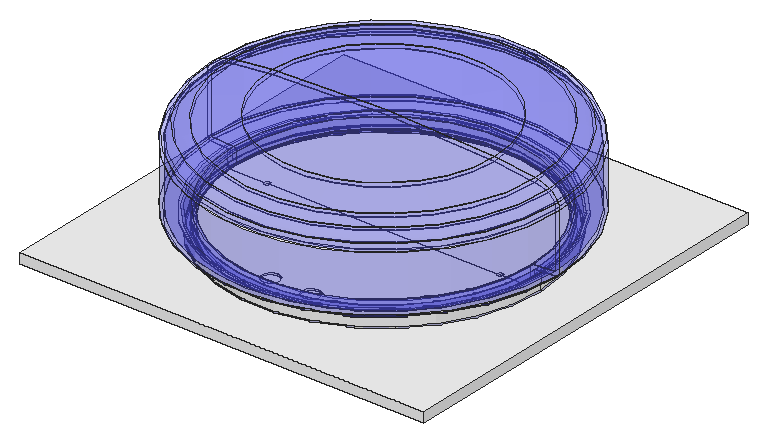
Revit family "BE_50032P_de_DE", category Leuchten, Revit 2020
Family settings
  Basisbauteil = Fläche
  Bemaßung runder Anschluss = Durchmesser verwenden
  Teiletyp = Normal
  Beim Laden mit Abzugskörper schneiden = Ja
  Lichtquelle = Ja
  Gemeinsam genutzt = Nein
  Raumberechnungspunkt = Ja
Parameters (values of type "BEGA_50032P_K3")
  built-in parameter 1150104 = 11.604 (stored number, unit not read)
  Wattage = 26.9 W
  Default Elevation = 0 mm
  built-in parameter 1150113 = 1 (stored number, unit not read)
  built-in parameter 1114218 = 1 (stored number, unit not read)
  Umgebungstemperatur = "25 °C"
  URL = "https://www.bega.com/de/produkt/50032P"
  Typenkommentare = "© 2022 BEGA. Wir behalten uns das Recht vor, technische Änderungen ohne vorherige Ankündigung vorzunehmen."  # constant formula
  built-in parameter 1150134 = (empty or 0)
  built-in parameter 1150109 = 1 (stored number, unit not read)
  Strom = ""
  built-in parameter 1150110 = 1 (stored number, unit not read)
  Spannung = 239.996 V
  Sonderanfertigung = no
  Seriennummer [instance] = "Hier können Sie die eindeutige Seriennummer für das Facility Management eintragen."
  Schutzklasse = "I"
  Schutzart = "IP 20"
  Scheinlast = 0 VA
  Produktdatenblatt = "http://www.bega.de/download/Xrfa/db/50032P.db.de.pdf"
  Oberflächentemperatur = ""
  Neigungswinkel = 0.00°
  Model = "50032PK2"
  Material_17 = BEGA_Reflektor
  Material_15 = BEGA_Leuchtmedium_matt
  Material_14 = BEGA_Kunststoff_opal
  Material_11 = BEGA_Glas_opal
  Material_09 = BEGA_Glas_klar
  Material_06 = BEGA_Oberfläche_Edelstahl_gebürstet
  Material_03 = BEGA_Oberfläche_Weiss_matt
  Material_02 = BEGA_Oberfläche_Silber_matt
  Material_01 [instance] = BEGA_Oberfläche_Grafit_matt
  M_W = no
  M_G = no
  M_A = no
  Logo = 0
  built-in parameter 1114217 = 1 (stored number, unit not read)
  built-in parameter 1150139 = (empty or 0)
  built-in parameter 1150105 = 839.66 (stored number, unit not read)
  built-in parameter 1150114 = 1 (stored number, unit not read)
  Lumens = 3359.81 lm
  built-in parameter 1150115 = 1 (stored number, unit not read)
  Leuchtenlichtstrom = "2863 lm"
  Leuchtenanzahl = ""
  Lebensdauerkriterien = "L70B50 @ 25 °C = 121000 h"
  Lastklassifizierung = Beleuchtung
  built-in parameter 1150112 = 1 (stored number, unit not read)
  Lampenlichtstrom = "3360 lm"
  Lamp = "LED 26.9 W"
  LED_Modulbezeichnung = "LED-0510/927"
  Hersteller = "BEGA"  # constant formula
  Halbstreuwinkel = ""
  Gewicht = "2.1 kg"
  Gebrauchslageneinschränkung [instance] = ""
  Frequenz = "0/50-60 Hz"
  Farbwiedergabeindex = "CRI > 90"
  Farbtemperaturverschiebung bei Dämpfen der Lampe = <Keine Auswahl>
  Farbtemperatur = "2700 K"
  Color Filter = 16777215
  built-in parameter 1150133 = 10 (stored number, unit not read)
  Energieeffizienzklasse = "LED A++ - A"
  built-in parameter 1150137 = (empty or 0)
  built-in parameter 1150132 = (empty or 0)
  ENEC = "ja"
  Dimmbar [instance] = ""
  Photometric Web File = "BE_50032PK2.IES"
  CE_Konformität = "ja"
  Bestellnummer = "50032PK2"
  Beschreibung_Sonderanfertigung = "Hier können Sie Informationen zur Sonderanfertigung eintragen."
  Beschreibung = "Decken- und Wandleuchte"
  built-in parameter 1150106 = 8.3966 (stored number, unit not read)
  Befestigungsbohrung = "Ø 5,5 mm"
  Befestigungsabstand = "230 mm"
  Ballwurfsicher = ""
  BEGA_Intern_aus = yes
  BEGA_Intern_an = yes
  BEGA_Intern_Konstruktion = yes
  BEGA_Intern = yes
  BEGA_IES = yes
  BEGA_Dummy = no
  Anschlussleitung = ""
  Anschlussleistung [instance] = "31.6 W"
  Anschlusskasten = ""
  built-in parameter 1150107 = 2700 (stored number, unit not read)
  built-in parameter 1150102 = (empty or 0)
  built-in parameter 1150138 = (empty or 0)
  Aktualisierung = "2020-05-11T04:00:10"
  Abstand_zur_angestrahlten_Fläche [instance] = ""
  AC/DC = "AC/DC"
Types (3, lengths in mm): name | built-in parameter 1150104 | built-in parameter 1150134 | Model | built-in parameter 1150105 | Lumens | Leuchtenlichtstrom | Lampenlichtstrom | LED_Modulbezeichnung | Farbtemperatur | Photometric Web File | Bestellnummer | built-in parameter 1150106 | built-in parameter 1150107
  BEGA_50032P_K3 | 11.687 (stored number, unit not read) | (empty or 0) | "50032PK3" | 845.71 (stored number, unit not read) | 3384.02 lm | "3384 lm" | "3970 lm" | "LED-0510/930" | "3000 K" | "BE_50032PK3.IES" | "50032PK3" | 8.4571 (stored number, unit not read) | 3000 (stored number, unit not read)
  BEGA_50032P_K4 | 12.124 (stored number, unit not read) | 12 | "50032PK4" | 279.35 (stored number, unit not read) | 3510.45 lm | "3522 lm" | "4135 lm" | "LED-0510/940" | "4000 K" | "BE_50032PK4.IES" | "50032PK4" | 2.7935 (stored number, unit not read) | 4000 (stored number, unit not read)
  BEGA_50032P_K27 | 12.124 (stored number, unit not read) | 12 | "50032PK27" | 279.35 (stored number, unit not read) | 3510.45 lm | "3276 lm" | "3845 lm" | "LED-0510/927" | "2700 K" | "BE_50032PK27.IES" | "50032PK27" | 2.7935 (stored number, unit not read) | 4000 (stored number, unit not read)
Reference planes
  plane 1 "Mitte (Vorne/Hinten)": y = 0
  plane 2: z = 0
  plane 3 "Mitte (Links/Rechts)": x = 0
  plane 4 "Links": x = -174
  plane 5 "Rechts": x = 174
  plane 6 "Unten": y = -174
  plane 7 "Oben": y = 174
  plane 8 "Vorne": z = 109.9
  plane 9 "Hinten": z = 0
Forms (mm)
  Extrusion 1, solid, material "BEGA_Platte_Weiss"
    sketch origin (0, -1119.2, 0) x (1, 0, 0) y (0, 1, 0)
      loop
        line (-200, 1319.2) -> (-200, 919.2) -> (200, 919.2) -> (200, 1319.2) -> (-200, 1319.2)
    from 0 to -10
  Extrusion 2, solid, material "BEGA_Dummy_matt", visible <- "BEGA_Dummy"
    sketch origin (77.149, -76.023, 0) x (1, 0, 0) y (0, 1, 0)
      loop
        circle (-77.149, 76.023) r 174.003
    from 0 to 109.9
Dimensions and locks
  plane 1 "Mitte (Vorne/Hinten)" to Extrusion 1 = 200 mm
  aligned and locked: plane 2 to Extrusion 1
  aligned and locked: level to Extrusion 1
Nested families
  nested 1: "BE_50032P" at (0, 0, 0) x (0, -1, 0) z (0, 0, 1), type "BE_50032P"
Connectors
  electrical at (0, 0, 0), driven by "Lastklassifizierung", driven by "Spannung", driven by "Scheinlast"
    settings: index 1, voltage 239.996 V, apparent load 0 VA, apparent load phase1 0 VA, apparent load phase2 0 VA, apparent load phase3 0 VA, power factor 1, load classification "Beleuchtung", number of poles 1, system type 31, power factor state 1, is connector primary yes, connector utility no, sub classification motor no, connector description ""
Definition of nested family "BE_50032P"
  Parameters (values of type "BE_50032P")
    Default Elevation = 1 mm
    URL = "http://www.bega.de/de/produkt"
    Type Comments = "© 2015 BEGA. Wir behalten uns das Recht vor, technische Änderungen ohne vorherige Ankündigung vorzunehmen. "  # constant formula
    Type Image = (empty or 0)
    Neigungswinkel_um_Z2 = 0.00°
    Neigungswinkel_um_Z1 = 0.00°
    Neigungswinkel_um_Y2 = 0.00°
    Neigungswinkel_um_Y1 = 0.00°
    Neigungswinkel_um_X2 = 0.00°
    Neigungswinkel_um_X1 = 0.00°
    Material_17 = none
    Material_15 = none
    Material_14 = none
    Material_11 = none
    Material_09 = none
    Material_06 = none
    Material_05 = none
    Material_03 = none
    Material_02 = none
    Material_01 = none
    M_W = yes
    M_G = yes
    M_A = yes
    Länge_Platte = 400 mm  # constant formula
    Höhe_Platte = -10 mm  # constant formula
    Manufacturer = "BEGA"  # constant formula
    Drehwinkel_um_Z2 = 0.00°
    Drehwinkel_um_Z1 = 0.00°
    Breite_Platte = 400 mm  # constant formula
  Reference planes
    plane 1 "Mitte (Oben/Unten)": y = 0
    plane 2: z = 0
    plane 3 "Mitte (Links/Rechts)": x = 0
    plane 4: y = 174
    plane 5: z = 109.9
    plane 6: y = -174
    plane 7: x = -174
    plane 8: x = 174
  Forms (mm)
    Extrusion 1, solid, detail levels medium
      sketch origin (0, 0, 0) x (1, 0, 0) y (0, 1, 0)
        loop
          line (-200, 200) -> (-200, -200) -> (200, -200) -> (200, 200) -> (-200, 200)
      from 0 to -10 <- "Höhe_Platte"
    Revolve 2, solid, material <- "Material_03", detail levels medium+fine
      sketch origin (0, 0, 0) x (0, 1, 0) y (0, 0, 1)
        loop
          line (159, 19.8) -> (159, 20.8) -> (156.831, 20.8)
          arc (156.831, 20.8) -> (155.563, 20.284) -> (155.024, 19.025) r 1.8
          line (155.024, 19.025) -> (154.767, 4.283)
          arc (154.767, 4.283) -> (154.468, 3.587) -> (153.767, 3.3) r 1
          line (153.767, 3.3) -> (0, 3.3) -> (0, 2.3) -> (153.767, 2.3)
          arc (153.767, 2.3) -> (155.169, 2.873) -> (155.767, 4.265) r 2
          line (155.767, 4.265) -> (156.024, 19.01)
          arc (156.024, 19.01) -> (156.264, 19.571) -> (156.829, 19.8) r 0.8
          line (156.829, 19.8) -> (159, 19.8)
        axis (0, 2.3) -> (0, 20.8)
      angle from 0 to 360
    Revolve 3, solid, material <- "Material_03", detail levels medium+fine
      sketch origin (0, 0, 0) x (0, 1, 0) y (0, 0, 1)
        loop
          arc (124.13, 1.943) -> (124.474, 2.206) -> (124.896, 2.3) r 1
          line (124.896, 2.3) -> (125.896, 3.3) -> (117.75, 3.3) -> (117.75, 0) -> (121.108, 0)
          arc (121.108, 0) -> (122.369, 0.281) -> (123.395, 1.067) r 3
          line (123.395, 1.067) -> (124.13, 1.943)
        axis (115, 3.3) -> (115, 0)
      angle from 0 to 360
    Extrusion 4, void
      sketch origin (0, 0, 0) x (1, 0, 0) y (0, 1, 0)
        loop
          circle (115, 20) r 8.5
        loop
          circle (0, 115) r 2.75
        loop
          circle (0, -115) r 2.75
        loop
          circle (115, -20) r 8.5
      from 0 to 7.205
    Revolve 5, solid, material <- "Material_14", detail levels medium+fine
      sketch origin (0, 0, 0) x (0, 1, 0) y (0, 0, 1)
        loop
          arc (150.036, 101.343) -> (130.076, 104.141) -> (110.006, 106.001) r 430
          arc (110.006, 106.001) -> (55.038, 108.925) -> (0, 109.9) r 1553.99
          line (0, 109.9) -> (0, 105.9)
          arc (0, 105.9) -> (54.9, 104.927) -> (109.731, 102.01) r 1549.989
          arc (109.731, 102.01) -> (129.596, 100.17) -> (149.352, 97.401) r 426
          arc (149.352, 97.401) -> (156.196, 95.732) -> (162.704, 93.037) r 46
          arc (162.704, 93.037) -> (166.507, 90.109) -> (168.988, 86) r 13
          arc (168.988, 86) -> (169.743, 83.257) -> (170, 80.424) r 16
          line (170, 80.424) -> (170, 25.506) -> (148.791, 24.394)
          arc (148.791, 24.394) -> (146.425, 23.461) -> (145.1, 21.289) r 4
          line (145.1, 21.289) -> (145.1, 11.074)
          arc (145.1, 11.074) -> (145.5, 9.577) -> (146.592, 8.479) r 3.001
          line (146.592, 8.479) -> (148.263, 7.514)
          arc (148.263, 7.514) -> (149.358, 6.407) -> (149.75, 4.9) r 3.002
          line (149.75, 4.9) -> (153.75, 4.9) -> (153.75, 8.384)
          arc (153.75, 8.384) -> (153.617, 8.887) -> (153.25, 9.256) r 1
          line (153.25, 9.256) -> (149.499, 11.421)
          arc (149.499, 11.421) -> (149.133, 11.787) -> (148.999, 12.287) r 1
          line (148.999, 12.287) -> (149, 19.451)
          arc (149, 19.451) -> (149.272, 20.136) -> (149.94, 20.449) r 1
          line (149.94, 20.449) -> (171.157, 21.561)
          arc (171.157, 21.561) -> (173.176, 22.492) -> (174, 24.557) r 3
          line (174, 24.557) -> (174, 80.418)
          arc (174, 80.418) -> (173.68, 83.965) -> (172.735, 87.4) r 20
          arc (172.735, 87.4) -> (169.48, 92.785) -> (164.489, 96.617) r 17
          arc (164.489, 96.617) -> (157.443, 99.532) -> (150.036, 101.343) r 50
        axis (0, 109.9) -> (0, 4.9)
      angle from 0 to 360
    Revolve 6, solid, material <- "Material_03", detail levels medium+fine
      sketch origin (0, 0, 0) x (0, -1, 0) y (0, 0, 1)
        loop
          arc (124.13, 1.943) -> (124.474, 2.206) -> (124.896, 2.3) r 1
          line (124.896, 2.3) -> (125.896, 3.3) -> (117.75, 3.3) -> (117.75, 0) -> (121.108, 0)
          arc (121.108, 0) -> (122.369, 0.281) -> (123.395, 1.067) r 3
          line (123.395, 1.067) -> (124.13, 1.943)
        axis (115, 3.3) -> (115, 0)
      angle from 0 to 360
  Cuts and joins
    Extrusion 4 cuts Revolve 2
    Extrusion 4 cuts Revolve 3
    joined: Revolve 2, Revolve 3, Revolve 6
  Dimensions and locks
    equal spacing: Extrusion 1 sketch curve, plane 3 "Mitte (Links/Rechts)", Extrusion 1 sketch curve
    equal spacing: Extrusion 1 sketch curve, plane 1 "Mitte (Oben/Unten)", Extrusion 1 sketch curve
    "Länge_Platte": Extrusion 1 sketch curve to Extrusion 1 sketch curve
    "Breite_Platte": Extrusion 1 sketch curve to Extrusion 1 sketch curve
    aligned and locked: plane 2 to Extrusion 1
    aligned and locked: level to Extrusion 1
  Automatic sketch dimensions
    Revolve 2 sketch curve to Revolve 2 sketch curve = 0 mm  (x10)
    Revolve 2 sketch curve to plane 1 "Mitte (Oben/Unten)" = 0 mm  (x2)
    level to Revolve 2 sketch curve = 4.3 mm
    level to Revolve 2 sketch curve = 4.283 mm
    Revolve 2 sketch curve to Revolve 2 sketch curve = 1 mm  (x4)
    Revolve 2 sketch curve to Revolve 2 sketch curve = 0.257 mm
    level to Revolve 2 sketch curve = 4.265 mm
    Revolve 2 sketch curve to Revolve 2 sketch curve = 0.8 mm
    Revolve 2 sketch curve to Revolve 2 sketch curve = 0.004 mm
    Revolve 2 sketch curve to Revolve 2 sketch curve = 0.002 mm
    Revolve 2 sketch curve to Revolve 2 sketch curve = 2.169 mm
    Revolve 2 sketch curve to Revolve 2 sketch curve = 14.735 mm
    Revolve 2 sketch curve to Revolve 2 sketch curve = 0.01 mm
    Revolve 2 sketch curve to Revolve 2 sketch curve = 0.015 mm
    Revolve 2 sketch curve to Revolve 2 sketch curve = 4 mm
    Revolve 3 sketch curve to level = 0 mm
    level to Revolve 3 sketch curve = 3.3 mm
    Revolve 3 sketch curve to Revolve 3 sketch curve = 3.351 mm
    Revolve 3 sketch curve to Revolve 3 sketch curve = 0.007 mm
    level to Revolve 3 sketch curve = 1.067 mm
    level to Revolve 3 sketch curve = 1.3 mm
    Revolve 3 sketch curve to Revolve 3 sketch curve = 1 mm  (x2)
    Revolve 3 sketch curve to Revolve 3 sketch curve = 2.75 mm
    Revolve 3 sketch curve to Revolve 3 sketch curve = 0.766 mm
    Revolve 3 sketch curve to Revolve 3 sketch curve = 0 mm  (x3)
    Revolve 3 sketch curve to level = 2.001 mm
    Revolve 3 sketch curve to Revolve 3 sketch curve = 2 mm
    Revolve 6 sketch curve to level = 0 mm
    Revolve 6 sketch curve to level = 3.3 mm
    Revolve 6 sketch curve to Revolve 6 sketch curve = 3.351 mm
    Revolve 6 sketch curve to Revolve 6 sketch curve = 0.007 mm
    Revolve 6 sketch curve to level = 1.067 mm
    Revolve 6 sketch curve to level = 1.3 mm
    Revolve 6 sketch curve to Revolve 6 sketch curve = 1 mm  (x2)
    Revolve 6 sketch curve to Revolve 6 sketch curve = 2.75 mm
    Revolve 6 sketch curve to Revolve 6 sketch curve = 0.766 mm
    Revolve 6 sketch curve to Revolve 6 sketch curve = 0 mm  (x3)
    level to Revolve 6 sketch curve = 2.001 mm
    Revolve 6 sketch curve to Revolve 6 sketch curve = 2 mm
    Extrusion 4 sketch curve to plane 3 "Mitte (Links/Rechts)" = 0 mm  (x2)
    plane 1 "Mitte (Oben/Unten)" to Extrusion 4 sketch curve = 20 mm
    Extrusion 4 sketch curve to plane 1 "Mitte (Oben/Unten)" = 20 mm
    Revolve 5 sketch curve to Revolve 5 sketch curve = 0 mm  (x33)
    plane 1 "Mitte (Oben/Unten)" to Revolve 5 sketch curve = 0.01 mm
    plane 1 "Mitte (Oben/Unten)" to Revolve 5 sketch curve = 0 mm
    level to Revolve 5 sketch curve = 8.479 mm
    Revolve 5 sketch curve to Revolve 5 sketch curve = 1.492 mm
    Revolve 5 sketch curve to Revolve 5 sketch curve = 0.156 mm
    Revolve 5 sketch curve to Revolve 5 sketch curve = 1.509 mm
    level to Revolve 5 sketch curve = 7.514 mm
    Revolve 5 sketch curve to Revolve 5 sketch curve = 1.671 mm
    Revolve 5 sketch curve to Revolve 5 sketch curve = 3.9 mm
    level to Revolve 5 sketch curve = 11.421 mm
    Revolve 5 sketch curve to Revolve 5 sketch curve = 1.397 mm
    Revolve 5 sketch curve to Revolve 5 sketch curve = 3.001 mm
    Revolve 5 sketch curve to Revolve 5 sketch curve = 0.94 mm
    Revolve 5 sketch curve to Revolve 5 sketch curve = 1 mm  (x3)
    Revolve 5 sketch curve to Revolve 5 sketch curve = 0.501 mm
    Revolve 5 sketch curve to Revolve 5 sketch curve = 3.251 mm
    Revolve 5 sketch curve to Revolve 5 sketch curve = 2.81 mm
    Revolve 5 sketch curve to Revolve 5 sketch curve = 20.06 mm
    Revolve 5 sketch curve to Revolve 5 sketch curve = 4 mm  (x2)
    Revolve 5 sketch curve to Revolve 5 sketch curve = 2.591 mm
    Revolve 5 sketch curve to level = 322.977 mm
    Revolve 5 sketch curve to Revolve 5 sketch curve = 1121.112 mm
    Revolve 5 sketch curve to Revolve 5 sketch curve = 0.001 mm
    Revolve 5 sketch curve to Revolve 5 sketch curve = 3.485 mm
    Revolve 5 sketch curve to Revolve 5 sketch curve = 0.005 mm
    Revolve 5 sketch curve to Revolve 5 sketch curve = 0.348 mm
    Revolve 5 sketch curve to Revolve 5 sketch curve = 0.866 mm
    Revolve 5 sketch curve to Revolve 5 sketch curve = 7.164 mm
    Revolve 5 sketch curve to Revolve 5 sketch curve = 0.049 mm
    Revolve 5 sketch curve to Revolve 5 sketch curve = 0.889 mm
    Revolve 5 sketch curve to Revolve 5 sketch curve = 4.108 mm
    Revolve 5 sketch curve to Revolve 5 sketch curve = 0.949 mm
    Revolve 5 sketch curve to Revolve 5 sketch curve = 28.392 mm
    Revolve 5 sketch curve to Revolve 5 sketch curve = 0.006 mm
    Revolve 5 sketch curve to Revolve 5 sketch curve = 1.05 mm
    Revolve 5 sketch curve to Revolve 5 sketch curve = 0.275 mm
    Revolve 5 sketch curve to Revolve 5 sketch curve = 0.209 mm
    Revolve 5 sketch curve to Revolve 5 sketch curve = 0.5 mm  (x2)
    Revolve 5 sketch curve to Revolve 5 sketch curve = 0.683 mm
    level to Revolve 5 sketch curve = 9.256 mm
    Revolve 5 sketch curve to Revolve 5 sketch curve = 5.894 mm
    Revolve 5 sketch curve to Revolve 5 sketch curve = 1.785 mm
    Revolve 5 sketch curve to Revolve 5 sketch curve = 1.012 mm
    Revolve 5 sketch curve to Revolve 5 sketch curve = 0.157 mm
    level to Revolve 5 sketch curve = 21.561 mm
    Revolve 5 sketch curve to Revolve 5 sketch curve = 3.747 mm
    Revolve 5 sketch curve to Revolve 5 sketch curve = 27.614 mm
    Revolve 5 sketch curve to Revolve 5 sketch curve = 1.032 mm
    level to Revolve 5 sketch curve = 105.9 mm
    Revolve 5 sketch curve to Revolve 5 sketch curve = 13.352 mm
    Revolve 5 sketch curve to Revolve 5 sketch curve = 40 mm
    plane 3 "Mitte (Links/Rechts)" to Extrusion 4 sketch curve = 115 mm
    Extrusion 4 sketch curve to Extrusion 4 sketch curve = 0 mm
    plane 4 to Revolve 2 sketch curve = 20.233 mm
    plane 4 to Revolve 3 sketch curve = 56.25 mm
    Revolve 3 sketch curve to Revolve 3 sketch curve = 2.287 mm
    Revolve 3 sketch curve to Revolve 3 sketch curve = 1.501 mm
    plane 4 to Extrusion 4 sketch curve = 59 mm
    Revolve 5 sketch curve to plane 4 = 0 mm
    Revolve 5 sketch curve to plane 1 "Mitte (Oben/Unten)" = 80.374 mm
    Revolve 5 sketch curve to Revolve 5 sketch curve = 6.887 mm
    Revolve 5 sketch curve to Revolve 5 sketch curve = 14.988 mm
    plane 5 to Revolve 5 sketch curve = 7.89 mm
    plane 6 to Extrusion 4 sketch curve = 59 mm
    Revolve 6 sketch curve to plane 6 = 56.25 mm
    Revolve 6 sketch curve to Revolve 6 sketch curve = 2.287 mm
    Revolve 6 sketch curve to Revolve 6 sketch curve = 1.501 mm
    radius of Extrusion 4 sketch curve = 8.5 mm  (x2)
    radius of Extrusion 4 sketch curve = 2.75 mm  (x2)
